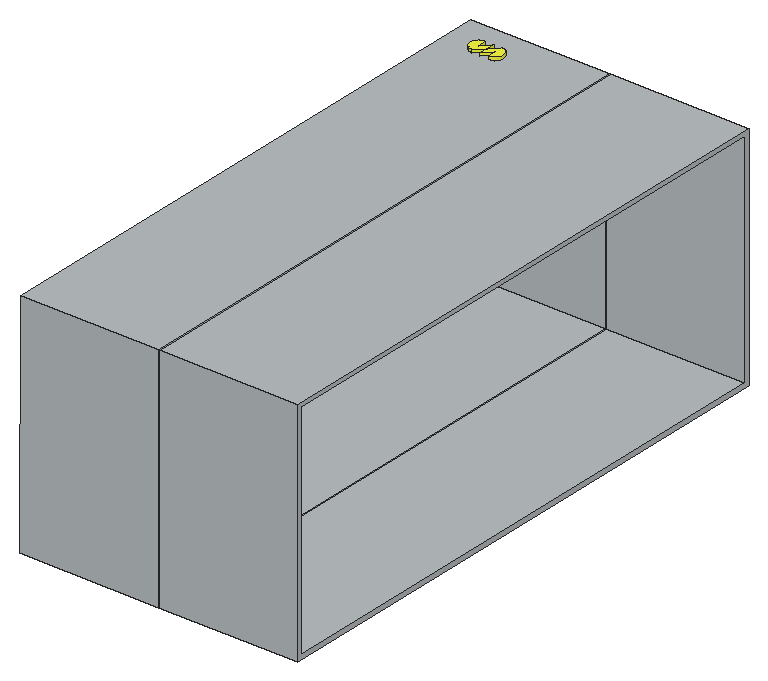
Revit family "NLRS_57_DUF_UN_instortkanaal-manchet-voor-luchtkanaal_LT_velu", category Duct Fittings, Revit 2020
Family settings
  Round Connector Dimension = Use Diameter
  Part Type = Union
  Work Plane-Based = No
  Always vertical = Yes
  Cut with Voids When Loaded = No
  Shared = No
Parameters (values of type "Manchet 100")
  VELU_c01_hoogte [instance] = if(NLRS_M_c01_hoogte > 70.00 mm, 80.00 mm, 70.00 mm)  # 80.00 mm
  VELU_c01_breedte [instance] = if(VELU_c01_hoogte = 70.00 mm, 170.00 mm, if(NLRS_M_c01_breedte > 220.00 mm, 250.00 mm, if(NLRS_M_c01_breedte > 200.00 mm, 220.00 mm, if(NLRS_M_c01_breedte > 170.00 mm, 200.00 mm, 170.00 mm))))  # 200.00 mm
  VELU_Werkendelengte [instance] = 0.00 mm  # constant formula
  VELU_Show_Warning [instance] = not(VELU_Correcte_Maatvoering)  # no
  VELU_Product_Selector = 1
  VELU_Model [instance] = size_lookup(VELU_Article_Data, "Model", "Ongeldig", VELU_c01_breedte, VELU_c01_hoogte, VELU_Koppelbus_Li1 * 2)  # "VIK Manchet 200 x 80 100"
  VELU_Koppelbus_Li1 [instance] = if(VELU_Product_Selector = 1, 50.00 mm, 100.00 mm)  # 50.00 mm
  VELU_Gewicht [instance] = size_lookup(VELU_Article_Data, "kg", 0, VELU_c01_breedte, VELU_c01_hoogte, VELU_Koppelbus_Li1 * 2) * 1.00 kg / 100  # 0.32 kg
  VELU_Foutmelding [instance] = if(VELU_Show_Warning, "Ongeldige maatvoering!", " ")  # " "
  VELU_Correcte_Maatvoering [instance] = and(VELU_c01_breedte = NLRS_M_c01_breedte, VELU_c01_hoogte = NLRS_M_c01_hoogte)  # yes
  VELU_Bim-site [instance] = "https://velu.nl/bim/"
  VELU_Artikel_code [instance] = size_lookup(VELU_Article_Data, "", "Ongeldig", VELU_c01_breedte, VELU_c01_hoogte, VELU_Koppelbus_Li1 * 2)  # "5110000097"
  VELU_Article_Data = "Manchet"  # constant formula
  built-in parameter 1114242 [instance] = 1 = 0  # (empty or 0)
  URL = "https://webshop.velu.nl/overige-woningbouw-componenten/"
  Type Comments = "Enkel geschikt voor VELU instort kanaal maten"  # constant formula
  NLRS_M_c01_hoogte [instance] = 80.00 mm
  NLRS_M_c01_breedte [instance] = 200.00 mm
  NLRS_C_model [instance] = VELU_Model  # "VIK Manchet 200 x 80 100"
  NLRS_C_description = Description  # "VELU instortkanaal: Rechthoekig verloop"
  NLRS_C_content_versie = "3.20.01"  # constant formula
  NLRS_C_content_provider = "Velu Klimaattechnische Groothandel"  # constant formula
  NLRS_C_content_datum_gewijzigd = "18-01-2023"  # constant formula
  NLRS_C_content_creator = "J. Feeke"  # constant formula
  Model = "VIK Manchet"  # constant formula
  Manufacturer = "Velu Klimaattechnische Groothandel"
  Description = "VELU instortkanaal: Rechthoekig verloop"  # constant formula
  Default Elevation = 0.00 mm
  Assembly Code = "57.00"
Types (2, lengths in mm): name | VELU_Product_Selector | VELU_Model | VELU_Koppelbus_Li1 | VELU_Gewicht | VELU_Artikel_code | NLRS_C_model
  Manchet 100 | 1 | "VIK Manchet 200 x 80 100" | 50.00 | 0.32 kg | "5110000097" | "VIK Manchet 200 x 80 100"
  Manchet 200 | 2 | "VIK Manchet 200 x 80 200" | 100.00 | 0.64 kg | "5110000098" | "VIK Manchet 200 x 80 200"
Reference planes
  plane 1 "Center (Front/Back)": y = 0
  plane 2: z = 0
  plane 3 "Center (Left/Right)": x = 0
  plane 4: y = 100
  plane 5: y = -100
  plane 6: y = 101.5
  plane 7: y = -101.5
  plane 8: z = 40
  plane 9: z = -40
  plane 10: z = 41.5
  plane 11: z = -41.5
  plane 12 "Left": x = -50
  plane 13: y = 100
  plane 14: y = -100
  plane 15: y = 101.5
  plane 16: y = -101.5
  plane 17: z = 40
  plane 18: z = -40
  plane 19: z = 41.5
  plane 20: z = -41.5
  plane 21 "Right": x = 50
Forms (mm)
  Extrusion 1, solid, material "VELU_Label", not visible
    sketch origin (-547.644, -297.937, 0) x (1, 0, 0) y (0, 1, 0)
      loop
        arc (546.644, 298.937) -> (545.644, 297.937) -> (546.644, 296.937) r 1
        line (546.644, 296.937) -> (546.644, 297.937) -> (547.644, 296.937) -> (547.644, 297.937) -> (546.644, 298.937)
    from 0 to 1
  Extrusion 2, solid, material "VELU_Label", not visible
    sketch origin (0, 0, 0) x (1, 0, 0) y (0, 1, 0)
      loop
        arc (1, -1) -> (2, 0) -> (1, 1) r 1
        line (1, 1) -> (1, 0) -> (0, 1) -> (0, 0) -> (1, -1)
    from 0 to 1
  Sweep 3, solid, material "NLRS_57_sendzimir verzinkt_gen_sacs", detail levels medium+fine
    path origin (-50, 0, 0) x (0, 1, 0) y (0, 0, 1)
      loop
        line (101.5, 41.5) -> (-101.5, 41.5) -> (-101.5, -41.5) -> (101.5, -41.5) -> (101.5, 41.5)
    profile "mof : mof" origin (-50, 0, 41.5) x (0, 0, -1) y (1, 0, 0)
      loop
        line (0, 0) -> (1.5, 0) -> (1.5, 50) -> (0, 50) -> (0, 0)
  Sweep 4, solid, material "NLRS_57_sendzimir verzinkt_gen_sacs", detail levels medium+fine
    path origin (50, 0, 0) x (0, 1, 0) y (0, 0, 1)
      loop
        line (-101.5, 41.5) -> (-101.5, -41.5) -> (101.5, -41.5) -> (101.5, 41.5) -> (-101.5, 41.5)
    profile "mof : mof" origin (50, 0, 41.5) x (0, 0, 1) y (1, 0, 0)
      loop
        line (0, 0) -> (-1.5, 0) -> (-1.5, -50) -> (0, -50) -> (0, 0)
Dimensions and locks
  equal spacing: plane 4, plane 1 "Center (Front/Back)", plane 5
  "VELU_c01_breedte": plane 4 to plane 5
  locked: plane 6 to plane 4 at 1.5
  locked: plane 5 to plane 7 at 1.5
  "VELU_c01_hoogte": plane 8 to plane 9
  locked: plane 9 to plane 11 at 1.5
  locked: plane 10 to plane 8 at 1.5
  locked: plane 6 to nested 2 at 11.5
  locked: plane 12 "Left" to nested 2 at 15
  locked: plane 6 to nested 1 at 11.5
  locked: plane 12 "Left" to nested 1 at 15
  equal spacing: plane 13, plane 1 "Center (Front/Back)", plane 14
  locked: plane 15 to plane 13 at 1.5
  locked: plane 14 to plane 16 at 1.5
  "VELU_c01_breedte": plane 13 to plane 14
  "VELU_c01_hoogte": plane 17 to plane 18
  locked: plane 18 to plane 20 at 1.5
  locked: plane 19 to plane 17 at 1.5
  equal spacing: plane 17, level, plane 18
  equal spacing: plane 8, level, plane 9
  "VELU_Koppelbus_Li1": plane 12 "Left" to plane 3 "Center (Left/Right)"
  "VELU_Koppelbus_Li1": plane 3 "Center (Left/Right)" to plane 21 "Right"
  aligned and locked: level to plane 2
  aligned and locked: nested 1 to plane 10
  aligned and locked: plane 11 to nested 2
  aligned and locked: Sweep 3 sketch curve to plane 19
  aligned and locked: Sweep 3 sketch curve to plane 15
  aligned and locked: plane 20 to Sweep 3 sketch curve
  aligned and locked: plane 16 to Sweep 3 sketch curve
  aligned and locked: Sweep 4 sketch curve to plane 19
  aligned and locked: plane 16 to Sweep 4 sketch curve
  aligned and locked: plane 20 to Sweep 4 sketch curve
  aligned and locked: Sweep 4 sketch curve to plane 15
Automatic sketch dimensions
  plane 1 "Center (Front/Back)" to Extrusion 1 sketch curve = 0.00 mm  (x3)
  Extrusion 1 sketch curve to plane 3 "Center (Left/Right)" = 0.00 mm
  Extrusion 1 sketch curve to plane 3 "Center (Left/Right)" = 1.00 mm
  Extrusion 1 sketch curve to Extrusion 1 sketch curve = 1.00 mm  (x2)
  plane 1 "Center (Front/Back)" to Extrusion 2 sketch curve = 0.00 mm  (x3)
  Extrusion 2 sketch curve to plane 3 "Center (Left/Right)" = 0.00 mm
  plane 3 "Center (Left/Right)" to Extrusion 2 sketch curve = 1.00 mm
  Extrusion 2 sketch curve to Extrusion 2 sketch curve = 1.00 mm
  Extrusion 2 sketch curve to Extrusion 2 sketch curve = 0.00 mm
Nested families
  nested 1: "logo_single" at (-35, 90, 41.5) x (-1, 0, 0) z (0, 0, 1), type "logo_single", detail levels medium+fine
  nested 2: "logo_single" at (-35, 90, -42.5), type "logo_single", detail levels medium+fine
  nested 3: "Warning_R20" at (0, 0, 0), visible <- "VELU_Show_Warning", type "Warning_R20"
Connectors
  hvac at (0, 0, 0), driven by "NLRS_M_c01_hoogte", driven by "NLRS_M_c01_breedte"
    settings: on Sweep 3, index 1, duct flow 0.0 L/s, flow factor 0, pres drop 0.0 Pa, loss coef 0, conn angle 0.00°, conn width 200 mm, conn height 80 mm, conn diameter 609.6 mm, duct sys type 28, conn prof type 1, flow config 0, flow direction 0, loss method 0, conn ref index 2, conn util no, is conn primary yes, conn desc ""
  hvac at (0, 0, 0), driven by "NLRS_M_c01_hoogte", driven by "NLRS_M_c01_breedte"
    settings: on Sweep 4, index 2, duct flow 0.0 L/s, flow factor 0, pres drop 0.0 Pa, loss coef 0, conn angle 0.00°, conn width 200 mm, conn height 80 mm, conn diameter 609.6 mm, duct sys type 28, conn prof type 1, flow config 0, flow direction 0, loss method 0, conn ref index 1, conn util no, is conn primary no, conn desc ""
Definition of nested family "logo_single"
  Parameters (values of type "logo_single")
    t = 3.00 mm
    Model = ""
    Description = ""
    Default Elevation = 0.00 mm
  Reference planes
    plane 1 "Center (Front/Back)": y = 0
    plane 2: z = 0
    plane 3 "Center (Left/Right)": x = 0
    plane 4: x = -6
    plane 5: y = -3
    plane 6: y = 3
    plane 7: x = -3
    plane 8: x = 3
    plane 9: x = 6
  Forms (mm)
    Extrusion 1, solid
      sketch origin (-547.644, -297.937, 0) x (1, 0, 0) y (0, 1, 0)
        loop
          arc (544.644, 300.937) -> (541.644, 297.937) -> (544.644, 294.937) r 3
          line (544.644, 294.937) -> (544.644, 297.937) -> (547.644, 294.937) -> (547.644, 297.937) -> (544.644, 300.937)
      from 0 to 1
    Extrusion 2, solid
      sketch origin (0, 0, 0) x (1, 0, 0) y (0, 1, 0)
        loop
          arc (3, -3) -> (6, 0) -> (3, 3) r 3
          line (3, 3) -> (3, 0) -> (0, 3) -> (0, 0) -> (3, -3)
      from 0 to 1
  Dimensions and locks
    "t": plane 6 to plane 1 "Center (Front/Back)"
    "t": plane 5 to plane 1 "Center (Front/Back)"
    "t": plane 4 to plane 7
    "t": plane 7 to plane 3 "Center (Left/Right)"
    "t": plane 3 "Center (Left/Right)" to plane 8
    "t": plane 8 to plane 9
    aligned and locked: level to plane 2
  Automatic sketch dimensions
    plane 1 "Center (Front/Back)" to Extrusion 1 sketch curve = 0.00 mm  (x3)
    Extrusion 1 sketch curve to plane 7 = 0.00 mm
    Extrusion 1 sketch curve to plane 6 = 0.00 mm
    Extrusion 1 sketch curve to plane 3 "Center (Left/Right)" = 0.00 mm
    Extrusion 1 sketch curve to plane 5 = 0.00 mm
    Extrusion 2 sketch curve to plane 3 "Center (Left/Right)" = 0.00 mm
    plane 1 "Center (Front/Back)" to Extrusion 2 sketch curve = 0.00 mm  (x3)
    Extrusion 2 sketch curve to plane 5 = 0.00 mm
    Extrusion 2 sketch curve to plane 8 = 0.00 mm
    Extrusion 2 sketch curve to plane 6 = 0.00 mm
Definition of nested family "Warning_R20"
  Parameters (values of type "Warning_R20")
    TW = 51.60 mm * Scale  # 51.60 mm
    TH = 75.00 mm * Scale  # 75.00 mm
    Scale = 1
    CO = 50.00 mm * Scale  # 50.00 mm
    CD = 50.00 mm * Scale  # 50.00 mm
    BW = 40.00 mm * Scale  # 40.00 mm
    BH = 12.00 mm * Scale  # 12.00 mm
  Reference planes
    plane 1 "Center (Front/Back)": y = 0
    plane 2: z = 0
    plane 3 "Center (Left/Right)": x = 0
  Lines and regions (mm)
    Filled region 1, type "Solid Fill - Black", in view "Ref. Level"
      outline origin (0, 0, 0) x (1, 0, 0) y (0, 1, 0)
        loop
          line (-25.8, 75) -> (-20, -12) -> (20, -12) -> (25.8, 75) -> (-25.8, 75)
        loop
          circle (0, -50) r 25
  Dimensions and locks
    equal spacing: Filled region 1 sketch curve, plane 3 "Center (Left/Right)", Filled region 1 sketch curve  (x2)
    "TH": plane 1 "Center (Front/Back)" to Filled region 1 sketch curve
    "BH": Filled region 1 sketch curve to plane 1 "Center (Front/Back)"
    "CO": Filled region 1 sketch curve to plane 1 "Center (Front/Back)"
    "TW": Filled region 1 sketch curve to Filled region 1 sketch curve
    "BW": Filled region 1 sketch curve to Filled region 1 sketch curve
    "CD": diameter of Filled region 1 sketch curve
    aligned and locked: plane 3 "Center (Left/Right)" to Filled region 1 sketch curve
